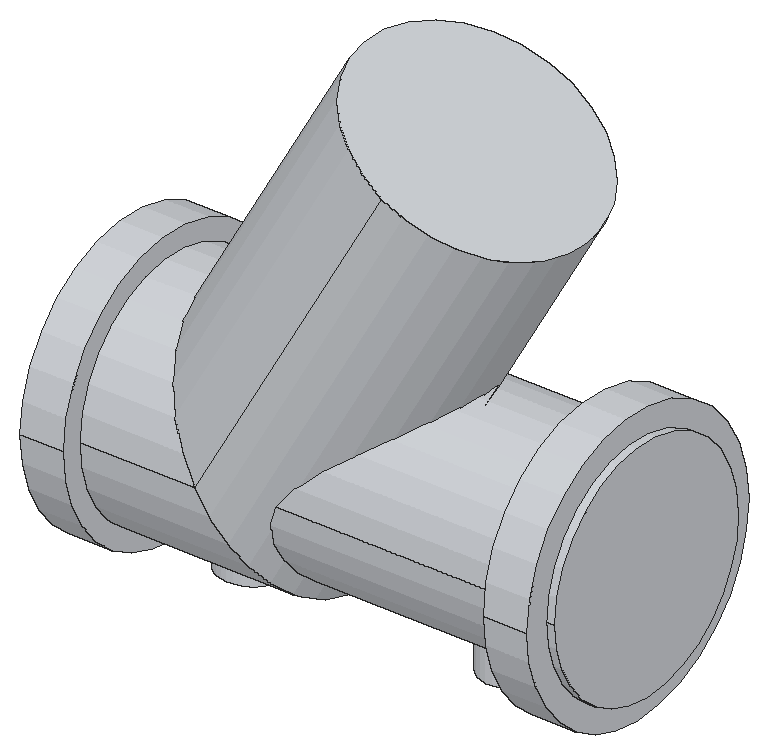
Revit family "HS 821-síto_standard-PN16-DN400-RFA_2019", category Pipe Accessories, Revit 2019
Family settings
  Round Connector Dimension = Use Diameter
  Part Type = Breaks Into
  Work Plane-Based = No
  Always vertical = Yes
  Cut with Voids When Loaded = No
  Shared = No
Parameters (values of type "821A-DN400-PN16-síto_standard")
  magiProductId = "d2f677cb196647e385b2590e7d8abe"
  magiProductFamilyId = "79214ac3aaa945e397802f559f5c1e"
  magiPartTypeId = 307
  isMeasuringValve [instance] = no
  ang2D [instance] = 0.00°
  ZB__ve = -ZB  # -89 mm
  ZB1 = 194.4 mm
  ZB = 89 mm
  X2 = 392.237 mm
  X1 = 154 mm
  W2D = 15 mm
  VersionID = "2.0/2017.9.26.1/ZETKAMA_821_001"
  Use Minimum Symbol Size [instance] = yes
  URL = "www.hydronix.cz"
  Type Comments = "Filtr přírubový; síto standardní; A-PN16 (-10~300°C); D-PN25 (-10~350°C); F-PN40 (-10~400°C)"
  S = 480 mm
  QmdConnectorList = "301;D;302;D"
  Productdata [instance] = ""
  Manufacturer = "Hydronix"
  MC Product Code = "200 197 (821A; DN400; PN16; kvs3460; oko síta 1,60mm)"
  LM1 = 88 mm
  LM = 880 mm
  L4 = 275 mm
  L2D_Min = 3048 mm
  L2D = 130 mm
  L2 = 550 mm
  HH2 = 679.375 mm
  FD = 580 mm
  Description = "Filtr přírubový; síto standardní; 821A-PN16; 821D-PN25; 821F-PN40"
  DM1 = 498 mm
  DM = 432 mm
  D = 400 mm
  CC = 18.7 mm
  CAT0 = yes
  C1 = 91.3 mm
  C = 110 mm
  BD = 136.08 mm
Types (40, lengths in mm): name | magiProductId | ZB__ve | ZB1 | ZB | X2 | X1 | S | MC Product Code | LM1 | LM | L4 | L2 | HH2 | FD | DM1 | DM | D | CC | C1 | C | BD
  821A-DN015-PN16-síto_standard | "a71bcfe8b393460598b23e8ddf7dc5" | -16.25 | 18.63 | 16.25 | 46.982 | 18.2 | 46 | "200 115 (821A; DN015; PN16; kvs6,3; oko síta 1,00mm)" | 10.4 | 104 | 32.5 | 65 | 81.375 | 95 | 27.6 | 41.4 | 15 | 2.21 | 10.79 | 13 | 13.041
  821A-DN020-PN16-síto_standard | "41cd6c7a12924f4991217528336076" | -17.75 | 22.68 | 17.75 | 51.673 | 21 | 56 | "200 120 (821A; DN020; PN16; kvs11,2; oko síta 1,00mm)" | 12 | 120 | 37.5 | 75 | 89.5 | 105 | 33.6 | 50.4 | 20 | 2.55 | 12.45 | 15 | 15.876
  821A-DN025-PN16-síto_standard | "be378b463ed14c3abf4c9b3ae8cf3a" | -19.25 | 26.325 | 19.25 | 58.601 | 22.4 | 65 | "200 125 (821A; DN025; PN16; kvs14,7; oko síta 1,00mm)" | 12.8 | 128 | 40 | 80 | 101.5 | 115 | 43.2 | 58.5 | 25 | 2.72 | 13.28 | 16 | 18.427
  821A-DN032-PN16-síto_standard | "227a0d18b21540afabe8b6067d35fa" | -23 | 30.78 | 23 | 68.849 | 25.2 | 76 | "200 132 (821A; DN032; PN16; kvs23,7; oko síta 1,00mm)" | 14.4 | 144 | 45 | 90 | 119.25 | 140 | 50.4 | 68.4 | 32 | 3.06 | 14.94 | 18 | 21.546
  821A-DN040-PN16-síto_standard | "d106917c74724141a10440112d0102" | -24.5 | 34.02 | 24.5 | 75.777 | 28 | 84 | "200 140 (821A; DN040; PN16; kvs37,7; oko síta 1,00mm)" | 16 | 160 | 50 | 100 | 131.25 | 150 | 60 | 75.6 | 40 | 3.4 | 16.6 | 20 | 23.814
  821A-DN050-PN16-síto_standard | "8255d456a09e4f6486734f5dd9171b" | -26.75 | 40.095 | 26.75 | 79.061 | 32.2 | 99 | "200 150 (821A; DN050 PN16; kvs57,9; oko síta 1,00mm)" | 18.4 | 184 | 57.5 | 115 | 136.938 | 165 | 73.8 | 89.1 | 50 | 3.91 | 19.09 | 23 | 28.066
  821A-DN065-PN16-síto_standard | "235b1b3e4c0843779a4d5e3716d40a" | -29.75 | 47.79 | 29.75 | 86.927 | 40.6 | 118 | "200 165 (821A; DN065; PN16; kvs101,5; oko síta 1,25mm)" | 23.2 | 232 | 72.5 | 145 | 150.562 | 185 | 94.2 | 106.2 | 65 | 4.93 | 24.07 | 29 | 33.453
  821A-DN080-PN16-síto_standard | "a067f7c5236348ed8c820d16df7214" | -32 | 53.46 | 32 | 104.753 | 43.4 | 132 | "200 180 (821A; DN080; PN16; kvs147,4; oko síta 1,25mm)" | 24.8 | 248 | 77.5 | 155 | 181.438 | 200 | 107.4 | 118.8 | 80 | 5.27 | 25.73 | 31 | 37.422
  821A-DN100-PN16-síto_standard | "c49a648c2747461285837d643703cd" | -35 | 63.18 | 35 | 114.857 | 49 | 156 | "200 190 (821A; DN100; PN16; kvs209,6; oko síta 1,60mm)" | 28 | 280 | 87.5 | 175 | 198.937 | 220 | 131.4 | 140.4 | 100 | 5.95 | 29.05 | 35 | 44.226
  821A-DN125-PN16-síto_standard | "bf68e728a163493cbd2a663b26ebdc" | -39.5 | 74.52 | 39.5 | 131.888 | 56 | 184 | "200 191 (821A; DN125; PN16; kvs326,2; oko síta 1,60mm)" | 32 | 320 | 100 | 200 | 228.438 | 250 | 165 | 165.6 | 125 | 6.8 | 33.2 | 40 | 52.164
  821A-DN150-PN16-síto_standard | "2de770284b654863ae6bc865769dc5" | -44.75 | 85.455 | 44.75 | 155.885 | 67.2 | 211 | "200 192 (821A; DN150; PN16; kvs403; oko síta 1,60mm)" | 38.4 | 384 | 120 | 240 | 270 | 285 | 192 | 189.9 | 150 | 8.16 | 39.84 | 48 | 59.818
  821A-DN200-PN16-síto_standard | "8e5693371ab64aabb29a7f08c76e15" | -53 | 107.73 | 53 | 188.361 | 84 | 266 | "200 193 (821A; DN200; PN16; kvs707; oko síta 1,60mm)" | 48 | 480 | 150 | 300 | 326.25 | 340 | 252 | 239.4 | 200 | 10.2 | 49.8 | 60 | 75.411
  821A-DN250-PN16-síto_standard | "05e37ed948c34047acdd4c42556504" | -62.75 | 129.195 | 62.75 | 255.911 | 102.2 | 319 | "200 194 (821A; DN250; PN16; kvs1234; oko síta 1,60mm)" | 58.4 | 584 | 182.5 | 365 | 443.25 | 405 | 309.6 | 287.1 | 250 | 12.41 | 60.59 | 73 | 90.436
  821A-DN300-PN16-síto_standard | "9ad0af747269428da925480d83ce80" | -71 | 149.85 | 71 | 325.914 | 119 | 370 | "200 195 (821A; DN300; PN16; kvs1916; oko síta 1,60mm)" | 68 | 680 | 212.5 | 425 | 564.5 | 460 | 369.6 | 333 | 300 | 14.45 | 70.55 | 85 | 104.895
  821A-DN350-PN16-síto_standard | "eebc71459bb3451bb4355e7951370a" | -80 | 173.745 | 80 | 356.875 | 137.2 | 429 | "200 196 (821A; DN350; PN16; kvs2621; oko síta 1,60mm)" | 78.4 | 784 | 245 | 490 | 618.125 | 520 | 438 | 386.1 | 350 | 16.66 | 81.34 | 98 | 121.621
  821A-DN400-PN16-síto_standard | "d2f677cb196647e385b2590e7d8abe" | -89 | 194.4 | 89 | 392.237 | 154 | 480 | "200 197 (821A; DN400; PN16; kvs3460; oko síta 1,60mm)" | 88 | 880 | 275 | 550 | 679.375 | 580 | 498 | 432 | 400 | 18.7 | 91.3 | 110 | 136.08
  821D-DN015-PN25-síto_standard | "27ddcbf555414f8ca1fde329bf9087" | -16.25 | 18.63 | 16.25 | 46.982 | 18.2 | 46 | "200 215 (821D; DN015; PN25; kvs6,3; oko síta 1,00mm)" | 10.4 | 104 | 32.5 | 65 | 81.375 | 95 | 27.6 | 41.4 | 15 | 2.21 | 10.79 | 13 | 13.041
  821D-DN020-PN25-síto_standard | "270e0f14012f47189cd0235c18faee" | -17.75 | 22.68 | 17.75 | 51.673 | 21 | 56 | "200 220 (821D; DN020; PN25; kvs11,2; oko síta 1,00mm)" | 12 | 120 | 37.5 | 75 | 89.5 | 105 | 33.6 | 50.4 | 20 | 2.55 | 12.45 | 15 | 15.876
  821D-DN025-PN25-síto_standard | "b9a7fb4aa36643878c637d8e1ab992" | -19.25 | 26.325 | 19.25 | 58.601 | 22.4 | 65 | "200 225 (821D; DN025; PN25; kvs14,7; oko síta 1,00mm)" | 12.8 | 128 | 40 | 80 | 101.5 | 115 | 43.2 | 58.5 | 25 | 2.72 | 13.28 | 16 | 18.427
  821D-DN032-PN25-síto_standard | "6be9a55c4e68400f94eec7e804204c" | -23 | 30.78 | 23 | 68.849 | 25.2 | 76 | "200 232 (821D; DN032; PN25; kvs23,7; oko síta 1,00mm)" | 14.4 | 144 | 45 | 90 | 119.25 | 140 | 50.4 | 68.4 | 32 | 3.06 | 14.94 | 18 | 21.546
  821D-DN040-PN25-síto_standard | "c54511bd7f584ec2984291479612cb" | -24.5 | 34.02 | 24.5 | 75.777 | 28 | 84 | "200 240 (821D; DN040; PN25; kvs37,7; oko síta 1,00mm)" | 16 | 160 | 50 | 100 | 131.25 | 150 | 60 | 75.6 | 40 | 3.4 | 16.6 | 20 | 23.814
  821D-DN050-PN25-síto_standard | "5483b1f596b04cd39b23a14a22c90e" | -26.75 | 40.095 | 26.75 | 79.061 | 32.2 | 99 | "200 250 (821D; DN050; PN25; kvs57,9; oko síta 1,00mm)" | 18.4 | 184 | 57.5 | 115 | 136.938 | 165 | 73.8 | 89.1 | 50 | 3.91 | 19.09 | 23 | 28.066
  821D-DN065-PN25-síto_standard | "767b0f8318e94750bc7a9930ed5b30" | -29.75 | 47.79 | 29.75 | 86.927 | 40.6 | 118 | "200 265 (821D; DN065; PN25; kvs101,5; oko síta 1,25mm)" | 23.2 | 232 | 72.5 | 145 | 150.562 | 185 | 94.2 | 106.2 | 65 | 4.93 | 24.07 | 29 | 33.453
  821D-DN080-PN25-síto_standard | "e21040fa3cc2404b858198f6b73709" | -32 | 53.46 | 32 | 104.753 | 43.4 | 132 | "200 280 (821D; DN080; PN25; kvs147,4; oko síta 1,25mm)" | 24.8 | 248 | 77.5 | 155 | 181.438 | 200 | 107.4 | 118.8 | 80 | 5.27 | 25.73 | 31 | 37.422
  821D-DN100-PN25-síto_standard | "175ca87a506b40b3bc6b82f12f33cf" | -37.25 | 63.18 | 37.25 | 114.857 | 49 | 156 | "200 290 (821D; DN100; PN25; kvs209,6; oko síta 1,60mm)" | 28 | 280 | 87.5 | 175 | 198.937 | 235 | 131.4 | 140.4 | 100 | 5.95 | 29.05 | 35 | 44.226
  821D-DN125-PN25-síto_standard | "77cc98d60da24855999a22dff726b2" | -42.5 | 74.52 | 42.5 | 131.888 | 56 | 184 | "200 291 (821D; DN125; PN25; kvs326,2; oko síta 1,60mm)" | 32 | 320 | 100 | 200 | 228.438 | 270 | 165 | 165.6 | 125 | 6.8 | 33.2 | 40 | 52.164
  821D-DN150-PN25-síto_standard | "9cf8acfcd15547d68e83172d3abcbe" | -47 | 85.455 | 47 | 155.885 | 67.2 | 211 | "200 292 (821D; DN150; PN25; kvs403; oko síta 1,60mm)" | 38.4 | 384 | 120 | 240 | 270 | 300 | 192 | 189.9 | 150 | 8.16 | 39.84 | 48 | 59.818
  821D-DN200-PN25-síto_standard | "16973f3c9ea14389ba8602495a6b64" | -56 | 110.97 | 56 | 188.361 | 84 | 274 | "200 293 (821D; DN200; PN25; kvs707; oko síta 1,60mm)" | 48 | 480 | 150 | 300 | 326.25 | 360 | 252 | 246.6 | 200 | 10.2 | 49.8 | 60 | 77.679
  821F-DN015-PN40-síto_standard | "4c7eaf3c4c0340888b3e684d8a8616" | -16.25 | 18.225 | 16.25 | 46.982 | 18.2 | 45 | "240 615 (821F; DN015; PN40; kvs6,3; oko síta 1,00mm)" | 10.4 | 104 | 32.5 | 65 | 81.375 | 95 | 27.6 | 40.5 | 15 | 2.21 | 10.79 | 13 | 12.757
  821F-DN020-PN40-síto_standard | "aaac5f1ec96b44d6ba96ac2293d66d" | -17.75 | 23.49 | 17.75 | 51.673 | 21 | 58 | "240 620 (821F; DN020; PN40; kvs11,2; oko síta 1,00mm)" | 12 | 120 | 37.5 | 75 | 89.5 | 105 | 33.6 | 52.2 | 20 | 2.55 | 12.45 | 15 | 16.443
  821F-DN025-PN40-síto_standard | "504768023968471481789485b54c7e" | -19.25 | 27.54 | 19.25 | 58.601 | 22.4 | 68 | "240 625 (821F; DN025; PN40; kvs14,7; oko síta 1,00mm)" | 12.8 | 128 | 40 | 80 | 101.5 | 115 | 43.2 | 61.2 | 25 | 2.72 | 13.28 | 16 | 19.278
  821F-DN032-PN40-síto_standard | "165e7f39cf744f329bdf1c400dad12" | -23 | 31.59 | 23 | 68.849 | 25.2 | 78 | "240 632 (821F; DN032; PN40; kvs23,7; oko síta 1,00mm)" | 14.4 | 144 | 45 | 90 | 119.25 | 140 | 50.4 | 70.2 | 32 | 3.06 | 14.94 | 18 | 22.113
  821F-DN040-PN40-síto_standard | "b8903f952089408fbf3a5a632bab1f" | -24.5 | 35.64 | 24.5 | 75.777 | 28 | 88 | "240 640 (821F; DN040; PN40; kvs37,7; oko síta 1,00mm)" | 16 | 160 | 50 | 100 | 131.25 | 150 | 60 | 79.2 | 40 | 3.4 | 16.6 | 20 | 24.948
  821F-DN050-PN40-síto_standard | "c451f97266fe48da8f879cb6a2bd44" | -26.75 | 41.31 | 26.75 | 79.061 | 32.2 | 102 | "240 650 (821F; DN050; PN40; kvs57,9; oko síta 1,00mm)" | 18.4 | 184 | 57.5 | 115 | 136.938 | 165 | 73.8 | 91.8 | 50 | 3.91 | 19.09 | 23 | 28.917
  821F-DN065-PN40-síto_standard | "dc9821e3f9b34e128f6a8c6b34c198" | -29.75 | 49.41 | 29.75 | 86.927 | 40.6 | 122 | "240 665 (821F; DN065; PN40; kvs101,5; oko síta 1,25mm)" | 23.2 | 232 | 72.5 | 145 | 150.562 | 185 | 94.2 | 109.8 | 65 | 4.93 | 24.07 | 29 | 34.587
  821F-DN080-PN40-síto_standard | "689aa1e260f84cf4994f027a1d86b5" | -32 | 55.89 | 32 | 104.753 | 43.4 | 138 | "240 680 (821F; DN080; PN40; kvs147,4; oko síta 1,25mm)" | 24.8 | 248 | 77.5 | 155 | 181.438 | 200 | 107.4 | 124.2 | 80 | 5.27 | 25.73 | 31 | 39.123
  821F-DN100-PN40-síto_standard | "8a45d4e8e2ab425f8c432f21d684f3" | -37.25 | 65.61 | 37.25 | 114.857 | 49 | 162 | "240 690 (821F; DN100; PN40; kvs209,6; oko síta 1,6mm)" | 28 | 280 | 87.5 | 175 | 198.937 | 235 | 131.4 | 145.8 | 100 | 5.95 | 29.05 | 35 | 45.927
  821F-DN125-PN40-síto_standard | "cf073904c006406b8645afa67ea2fc" | -42.5 | 76.14 | 42.5 | 131.888 | 56 | 188 | "240 691 (821F; DN125; PN40; kvs326,2; oko síta 1,6mm)" | 32 | 320 | 100 | 200 | 228.438 | 270 | 165 | 169.2 | 125 | 6.8 | 33.2 | 40 | 53.298
  821F-DN150-PN40-síto_standard | "0153b9ddabe14992a630484929fdbc" | -47 | 88.29 | 47 | 155.885 | 67.2 | 218 | "240 692 (821F; DN150; PN40; kvs403; oko síta 1,6mm)" | 38.4 | 384 | 120 | 240 | 270 | 300 | 192 | 196.2 | 150 | 8.16 | 39.84 | 48 | 61.803
  821F-DN200-PN40-síto_standard | "7fb3fc01dd8d42428c203e3f8dd4d5" | -56 | 115.425 | 56 | 188.361 | 84 | 285 | "240 693 (821F; DN200; PN40; kvs707; oko síta 1,6mm)" | 48 | 480 | 150 | 300 | 326.25 | 360 | 252 | 256.5 | 200 | 10.2 | 49.8 | 60 | 80.797
Reference planes
  plane 1 "Center (Front/Back)": y = 0
  plane 2 "XYPLANE": z = 0
  plane 3 "Center (Left/Right)": x = 0
  plane 4 "109": x = -352
  plane 5 "108": x = 440
  plane 6 "107": x = -440
  plane 7 "105": x = 550
  plane 8 "104": x = -550
  plane 9 "103": y = 0
  plane 10 "102": z = 0
  plane 11 "101": x = -531.3
  plane 12 "100": x = 531.3
  plane 13 "11": x = -198
  plane 14 "10": z = 679.375
  plane 15 "9": x = 194.237
  plane 16 "5": z = -194.4
  plane 17 "4": x = -275
  plane 18 "1": x = 275
Forms (mm)
  Extrusion 1, solid, visible <- "CAT0"
    sketch origin (-440, -750, 0) x (0, 1, 0) y (0, 0, 1)
      loop
        circle (750, 0) r 216
    from 0 to 880 <- "LM"
  Extrusion 2, solid
    sketch origin (-550, -750, 0) x (0, 1, 0) y (0, 0, 1)
      loop
        circle (750, 0) r 240
    from 0 to 18.7 <- "CC"
  Extrusion 3, solid
    sketch origin (-531.3, -750, 0) x (0, 1, 0) y (0, 0, 1)
      loop
        circle (750, 0) r 290
    from 0 to 91.3 <- "C1"
  Extrusion 4, solid
    sketch origin (440, -750, 0) x (0, 1, 0) y (0, 0, 1)
      loop
        circle (750, 0) r 290
    from 0 to 91.3 <- "C1"
  Extrusion 5, solid
    sketch origin (531.3, -750, 0) x (0, 1, 0) y (0, 0, 1)
      loop
        circle (750, 0) r 240
    from 0 to 18.7 <- "CC"
  Sweep 6, solid, visible <- "CAT0"
    path origin (750, 0, 0) x (-1, 0, 0) y (0, 0, 1)
      loop
        line (1190, 0) -> (948, 0) -> (555.763, 679.375)
    profile origin (-440, 0, 0) x (0, 0, -1) y (0, 1, 0)
      loop
        circle (0, 0) r 249
  Extrusion 7, solid, visible <- "CAT0"
    sketch origin (-750, 0, -194.4) x (1, 0, 0) y (0, 1, 0)
      loop
        circle (475, 0) r 68.04
    from 0 to -89 <- "ZB__ve"
  Extrusion 8, solid, visible <- "CAT0"
    sketch origin (-750, 0, -194.4) x (1, 0, 0) y (0, 1, 0)
      loop
        circle (1025, 0) r 68.04
    from 0 to -89 <- "ZB__ve"
  Extrusion 9, solid, not visible
    sketch origin (550, -750, 0) x (0, 1, 0) y (0, 0, 1)
      loop
        circle (750, 0) r 10
    from 0 to -10
  Extrusion 10, solid, not visible
    sketch origin (-550, -750, 0) x (0, 1, 0) y (0, 0, 1)
      loop
        circle (750, 0) r 10
    from 0 to 10
Lines and regions (mm)
  reference lines, not visible
    curve 1: circle (2, 2, 0) r 1 normal (0, 0, 1)
Dimensions and locks
  plane 1 "Center (Front/Back)" to curve 1 = 2 mm
  "LM1": plane 6 "107" to plane 4 "109"
  "LM": plane 6 "107" to plane 5 "108"
  "C": plane 8 "104" to plane 6 "107"
  "L2": plane 3 "Center (Left/Right)" to plane 7 "105"
  "L2": plane 3 "Center (Left/Right)" to plane 8 "104"
  locked: plane 1 "Center (Front/Back)" to plane 9 "103"
  locked: plane 2 "XYPLANE" to plane 10 "102"
  "CC": plane 8 "104" to plane 11 "101"
  "C1": plane 5 "108" to plane 12 "100"
  "X1": plane 4 "109" to plane 13 "11"
  "HH2": plane 2 "XYPLANE" to plane 14 "10"
  "X2": plane 13 "11" to plane 15 "9"
  "ZB1": plane 2 "XYPLANE" to plane 16 "5"
  "L4": plane 8 "104" to plane 17 "4"
  "L2": plane 17 "4" to plane 18 "1"
  Sweep 6 sketch curve to Sweep 6 sketch curve = 0 mm  (x2)
  "DM": diameter of Extrusion 1 sketch curve
  "S": diameter of Extrusion 2 sketch curve
  "FD": diameter of Extrusion 3 sketch curve
  "FD": diameter of Extrusion 4 sketch curve
  "S": diameter of Extrusion 5 sketch curve
  "DM1": diameter of Sweep 6 sketch curve
  "BD": diameter of Extrusion 7 sketch curve
  "BD": diameter of Extrusion 8 sketch curve
  aligned and locked: level to plane 2 "XYPLANE"
  aligned and locked: Extrusion 1 sketch curve to plane 9 "103"
  aligned and locked: plane 10 "102" to Extrusion 1 sketch curve
  aligned and locked: Extrusion 2 sketch curve to plane 9 "103"
  aligned and locked: plane 10 "102" to Extrusion 2 sketch curve
  aligned and locked: Extrusion 3 sketch curve to plane 9 "103"
  aligned and locked: plane 10 "102" to Extrusion 3 sketch curve
  aligned and locked: Extrusion 4 sketch curve to plane 9 "103"
  aligned and locked: plane 10 "102" to Extrusion 4 sketch curve
  aligned and locked: Extrusion 5 sketch curve to plane 9 "103"
  aligned and locked: plane 10 "102" to Extrusion 5 sketch curve
  aligned and locked: Sweep 6 sketch curve to plane 9 "103"
  aligned and locked: plane 10 "102" to Sweep 6 sketch curve  (x3)
  aligned and locked: plane 6 "107" to Sweep 6 sketch curve
  aligned and locked: plane 13 "11" to Sweep 6 sketch curve
  aligned and locked: plane 14 "10" to Sweep 6 sketch curve
  aligned and locked: plane 15 "9" to Sweep 6 sketch curve
  aligned and locked: plane 9 "103" to Extrusion 7 sketch curve
  aligned and locked: plane 17 "4" to Extrusion 7 sketch curve
  aligned and locked: plane 9 "103" to Extrusion 8 sketch curve
  aligned and locked: plane 18 "1" to Extrusion 8 sketch curve
  aligned and locked: Extrusion 9 sketch curve to plane 9 "103"
  aligned and locked: plane 10 "102" to Extrusion 9 sketch curve
  aligned and locked: Extrusion 10 sketch curve to plane 9 "103"
  aligned and locked: plane 10 "102" to Extrusion 10 sketch curve
Automatic sketch dimensions
  plane 1 "Center (Front/Back)" to Extrusion 9 sketch curve = 10 mm
  plane 1 "Center (Front/Back)" to Extrusion 10 sketch curve = 10 mm
  plane 3 "Center (Left/Right)" to curve 1 = 2 mm
  radius of curve 1 = 1 mm
Connectors
  piping at (-550, 0, 0), diameter 400, driven by "D"
    settings: on Extrusion 10, index 1, connector inside diameter 609.6 mm, connector length 0 mm, flow factor 0, pipe flow 0.0 L/s, pressure drop 0.0 Pa, fitting loss kfactor 0, connector angle 0.00°, fixture units 0, engagement length 0 mm, angle of deflection 0.00°, flow configuration 0, flow direction 0, fitting loss method 0, system type 29, joint type 0, gender type 0, connector reference index 2, connector utility 0, adjustable connector no, is connector primary yes, connector description ""
  piping at (550, 0, 0), diameter 400, driven by "D"
    settings: on Extrusion 9, index 2, connector inside diameter 609.6 mm, connector length 0 mm, flow factor 0, pipe flow 0.0 L/s, pressure drop 0.0 Pa, fitting loss kfactor 0, connector angle 0.00°, fixture units 0, engagement length 0 mm, angle of deflection 0.00°, flow configuration 0, flow direction 0, fitting loss method 0, system type 29, joint type 0, gender type 0, connector reference index 1, connector utility 0, adjustable connector no, is connector primary no, connector description ""
